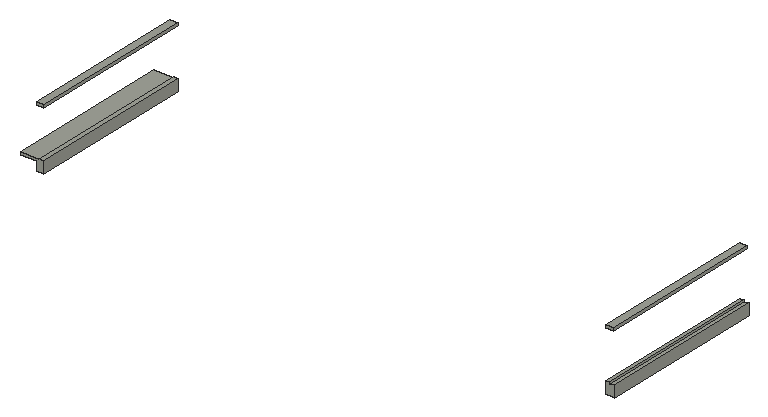
Revit family "CT_Bloco_E_Perfil", category Structural Framing, Revit 2025
Family settings
  Display in Hidden Views = Edges Hidden by Other Members
  Structural Framing Length Roundoff = 0.000 m
  Section Shape = Not Defined
  Material for Model Behavior = Concrete
  Always export as geometry = No
  Work Plane-Based = No
  Always vertical = Yes
  Cut with Voids When Loaded = Yes
  Symbolic Representation = From Family
  Shared = No
  Show family pre-cut in plan views = Yes
Parameters
  Structural Material [instance] = CT_Concreto
  Material_Viga_Janela [instance] = CT_Concreto
  Comprimento [instance] = 7.500 m
Reference planes (m)
  plane 1 "Centro (Frente/Trás)": y = 0
  plane 2: z = 0
  plane 3 "Centro (Esquerda/Direita)": x = 0
  plane 4: x = -15.9999
  plane 5: x = 9.1749
  plane 6: x = -5.2749
  plane 7: x = -2.2249
  plane 8: z = 4.76
  plane 9: z = 9.16
Forms (m)
  Extrusion 1, solid, material "CT_Concreto" <- "Structural Material"
    sketch origin (0, 0, 0.06) x (1, 0, 0) y (0, 0, 1)
      loop
        line (-15.9999, 4.7) -> (-16.1999, 4.7) -> (-16.1999, 4.65) -> (-17.0749, 4.65) -> (-17.0749, 4.55) -> (-16.3499, 4.55) -> (-16.3499, 4.19) -> (-16.3499, 4.15) -> (-15.9999, 4.15) -> (-15.9999, 4.7)
      loop
        line (9.5749, 4.15) -> (9.5749, 4.65) -> (9.3749, 4.65) -> (9.3749, 4.7) -> (9.1749, 4.7) -> (9.1749, 4.15) -> (9.5749, 4.15)
    from 0 to 7.5
  Extrusion 2, solid, material "CT_Concreto" <- "Material_Viga_Janela"
    sketch origin (0, 0, 0.06) x (1, 0, 0) y (0, 0, 1)
      loop
        line (-15.9999, 6.92) -> (-16.3499, 6.92) -> (-16.3499, 6.82) -> (-15.9999, 6.82) -> (-15.9999, 6.92)
      loop
        line (9.5249, 6.92) -> (9.1749, 6.92) -> (9.1749, 6.82) -> (9.5249, 6.82) -> (9.5249, 6.92)
    from 0 to 7.5
Dimensions and locks (m)
  locked: plane 5 to plane 4 at 25.1748
  locked: plane 8 to level at 4.76
  locked: plane 9 to plane 8 at 4.4
  aligned and locked: level to plane 2
  aligned and locked: Extrusion 2 to Extrusion 1  (x3)
  aligned and locked: Extrusion 1 to Extrusion 2
